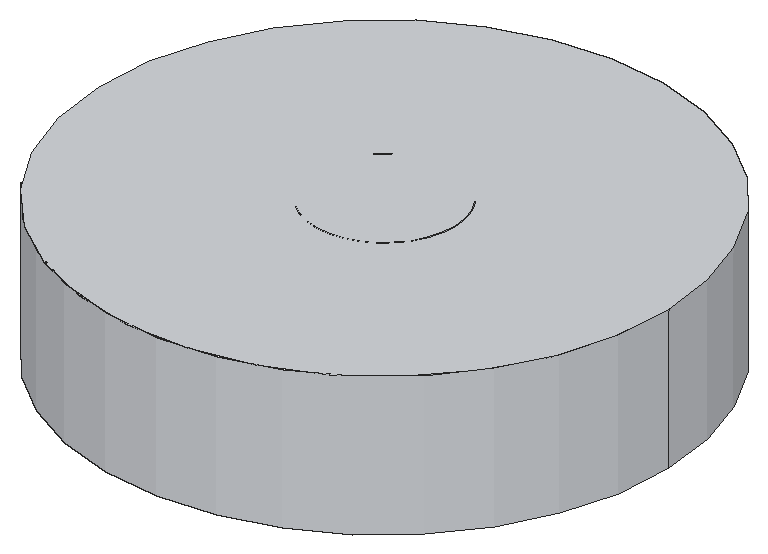
Revit family "電線管用ファミリ(片側のみ)_2", category Electrical Fixtures, Revit 2022
Family settings
  Round Connector Dimension = Use Diameter
  Part Type = Normal
  OmniClass Number = 23.80.00.00
  OmniClass Title = Electric Power and Lighting
  Work Plane-Based = No
  Always vertical = Yes
  Cut with Voids When Loaded = No
  Maintain Annotation Orientation = No
  Shared = No
  Room Calculation Point = No
Parameters
  コネクタ直径 [instance] = 16 mm
  W [instance] = 200 mm
  Diameter [instance] = 50 mm
  Default Elevation = 0 mm
  D [instance] = 200 mm
Reference planes
  plane 1 "Center (Front/Back)": y = 0
  plane 2: z = 0
  plane 3 "Center (Left/Right)": x = 0
  plane 4: x = -100
  plane 5: x = 100
  plane 6: y = 100
  plane 7: y = -100
  plane 8: z = 33.685
  plane 9: z = 50
  plane 10: y = 25
  plane 11: y = -25
  plane 12: x = -25
  plane 13: x = 25
Forms (mm)
  Extrusion 1, solid
    sketch origin (0, 0, 0) x (1, 0, 0) y (0, 1, 0)
      loop
        circle (0, 0) r 100
    from 0 to 50
  Extrusion 2, solid
    sketch origin (0, 0, 0) x (1, 0, 0) y (0, 1, 0)
      loop
        circle (0, 0) r 25
    from 0 to 50
Dimensions and locks
  equal spacing: plane 4, plane 3 "Center (Left/Right)", plane 5
  "W": plane 4 to plane 5
  equal spacing: plane 6, plane 1 "Center (Front/Back)", plane 7
  "D": plane 6 to plane 7
  equal spacing: plane 10, plane 1 "Center (Front/Back)", plane 11
  "Diameter": plane 10 to plane 11
  equal spacing: plane 12, plane 3 "Center (Left/Right)", plane 13
  "Diameter": plane 12 to plane 13
  aligned and locked: level to plane 2
  aligned and locked: plane 9 to Extrusion 1
  aligned and locked: Extrusion 1 to Extrusion 2
Automatic sketch dimensions
  plane 1 "Center (Front/Back)" to Extrusion 1 sketch curve = 0 mm
  Extrusion 1 sketch curve to plane 3 "Center (Left/Right)" = 0 mm
  plane 1 "Center (Front/Back)" to Extrusion 2 sketch curve = 0 mm
  Extrusion 2 sketch curve to plane 3 "Center (Left/Right)" = 0 mm
  radius of Extrusion 1 sketch curve = 100 mm
  radius of Extrusion 2 sketch curve = 25 mm
Connectors
  cabletrayconduit at (0, 0, 50), diameter 16
    settings: on Extrusion 2, index 1, connector width 300 mm, connector height 300 mm, connector angle 0.00°, system type 32, placement type 0, profile type 0, connector reference index -1, is primary connector yes, connector utility param no, connector description ""
